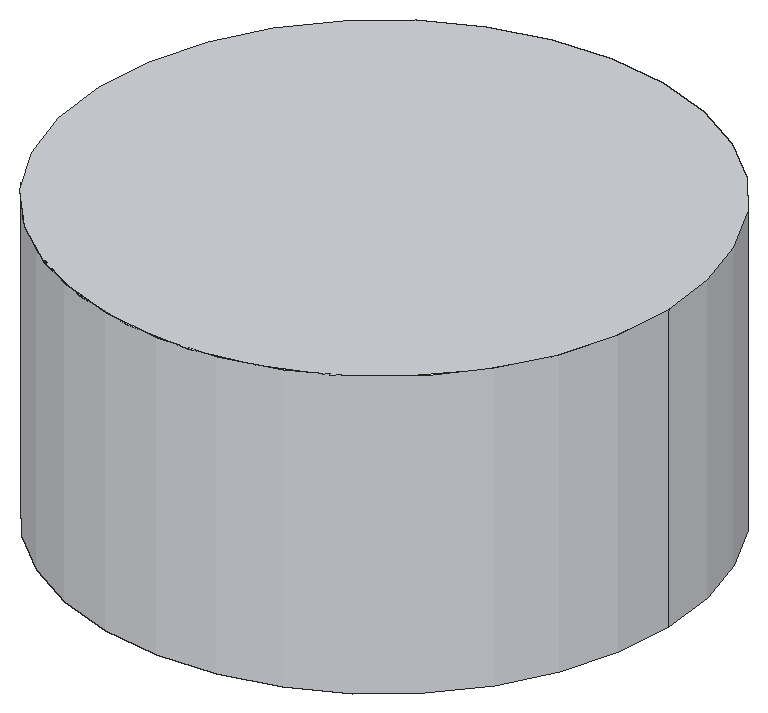
Revit family "ASF-24-C2", category Mechanical Equipment, Revit 2023
Family settings
  Round Connector Dimension = Use Diameter
  Classification = None
  Part Type = Normal
  OmniClass Number = 23.75.00.00
  OmniClass Title = Climate Control (HVAC)
  Work Plane-Based = No
  Always vertical = Yes
  Cut with Voids When Loaded = No
  Maintain Annotation Orientation = No
  Shared = No
  Room Calculation Point = No
Parameters (values of type "Standard")
  Volume = 0.172821 CF
  Requested Accuracy = "Low"
  Part Number = "ASF-24-C2"
  Mass = 20.3606 lbm
  Designer = "CAD Machine"
  Design State = 1
  Density = 117.813 lb/ft³
  Default Elevation = 0' - 0"
  Creation Date = "12/12/2022"
  Connector_1_Diameter = 1' - 11 3/4"
  Center of Gravity = "X: -0.035 in Y: -5.243 in Z: 0.019 in"
  Author = "CAD Machine"
  Area = 99.6146 SF
Reference planes (in)
  plane 1 "Center (Front/Back)": y = 0
  plane 2: z = 0
  plane 3 "Center (Left/Right)": x = 0
Forms (in)
  Extrusion 1, solid
    sketch origin (0, 0, -13.36935) x (1, 0, 0) y (0, 1, 0)
      loop
        circle (0, 0) r 0.12
    from 0 to -0.12
Dimensions and locks (in)
  aligned and locked: plane 2 to level
Connectors (in)
  hvac at (0, 0, -13.36935), driven by "Connector_1_Diameter"
    settings: on Extrusion 1, index 1, duct flow 0 CFM, flow factor 0, pres drop 0.00 in-wg, loss coef 0, conn angle 0.00°, conn width 12", conn height 12", conn diameter 23 3/4", duct sys type 3, conn prof type 0, flow config 1, flow direction 1, loss method 0, conn ref index -1, conn util no, is conn primary yes, conn desc ""
